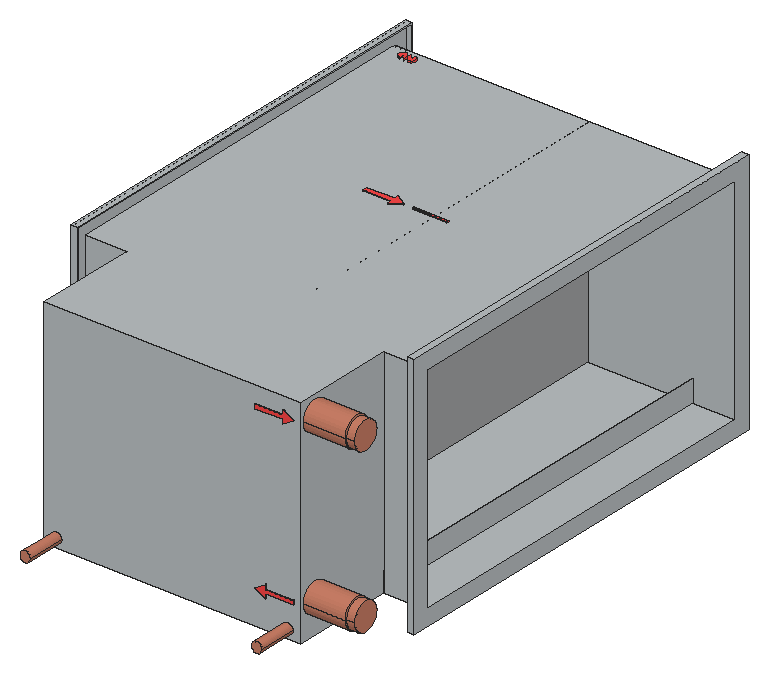
Revit family "NLRS_57_DUA_UN_rectangular-cooloer-acxkkx23-26_LT_sacs", category Duct Accessories, Revit 2023
Family settings
  Round Connector Dimension = Use Diameter
  Part Type = Breaks Into
  OmniClass Number = 23.75.10.24.21
  OmniClass Title = Cooling and Freeze Components
  Work Plane-Based = No
  Always vertical = Yes
  Cut with Voids When Loaded = No
  Shared = No
Parameters (values of type "ACxKKx23-26")
  Water connection Right [instance] = yes
  Type IFC Predefined Type = "Cooler"
  SACS_Y_Offset2 [instance] = if(Water connection Right, SACS_Duct_Width + SACS_Length_Y - 20 mm, 65 mm)  # 552 mm
  SACS_Y_Offset [instance] = if(Water connection Right, 0 mm, SACS_Length_Y + 45 mm)  # 0 mm
  SACS_Warning_Text_Size [instance] = if(SACS_Warning_Size, "Invalid duct size. Nearest larger size selected", " ")  # " "
  SACS_Warning_Text_Other [instance] = if(SACS_Warning_Other, "Selected configuration not allowed", if([Cooler circuits (1-26)] < 7, "Use family ACxKKx1-7", if([Cooler circuits (1-26)] < 15, "Use family ACxKKx8-14", if([Cooler circuits (1-26)] < 23, "Use family ACxKKx15-22", " "))))  # " "
  SACS_Warning_Size [instance] = or(not(NLRS_M_c01_breedte = SACS_Duct_Width), not(NLRS_M_c01_hoogte = SACS_Duct_Height))  # no
  SACS_Warning_Sign [instance] = and(not(SACS_Disable_Warning), or(SACS_Warning_Size, SACS_Warning_Other))  # no
  SACS_Warning_Other [instance] = or([Cooler rows (2-10)] < 2, [Cooler rows (2-10)] > 10, [Cooler circuits (1-26)] < 1, [Cooler circuits (1-26)] > 26)  # no
  SACS_Use_Manual_Airflow [instance] = no
  SACS_Right_Box [instance] = if(Water connection Right, SACS_Duct_Width + SACS_Length_Y, SACS_Y_Offset - 1 mm)  # 572 mm
  SACS_Plenum_L [instance] = if(SACS_Index1 < 7 mm, 400 mm, 500 mm)  # 400 mm
  SACS_Offset2 [instance] = if(Water connection Right, SACS_Right_Box + 45 mm, 45 mm)  # 617 mm
  SACS_Offset1 [instance] = if(Water connection Right, SACS_Right_Box, 0 mm)  # 572 mm
  SACS_Model [instance] = size_lookup(SACS_Data_Hidden, "Model", "NB", SACS_Duct_Width, SACS_Duct_Height, SACS_Index1, SACS_Index2, SACS_Index3)  # "AC2KKR-25-23 450x250"
  SACS_Manual_Airflow [instance] = 0.0 m³/h
  SACS_Left_Box [instance] = if(Water connection Right, SACS_Duct_Width + 1 mm, 45 mm)  # 451 mm
  SACS_Index3 [instance] = if(Water connection Right, 0 mm, 1 mm)  # 0 mm
  SACS_Index2 [instance] = if([Cooler circuits (1-26)] < 1, 1, if([Cooler circuits (1-26)] > 26, 26, [Cooler circuits (1-26)])) * 1 mm  # 23 mm
  SACS_Index1 [instance] = if([Cooler rows (2-10)] < 2, 2, if([Cooler rows (2-10)] > 10, 10, [Cooler rows (2-10)])) * 1 mm  # 2 mm
  SACS_Disable_Warning [instance] = no
  SACS_Data_Hidden [instance] = if(Water connection Right, "AC-KKR_23-26", "AC-KKL_23-26")  # "AC-KKR_23-26"
  SACS_Battery_Length [instance] = SACS_Index1 * 28  # 56 mm
  URL = "https://solid-air.nl/producten/solid-air-nakoeler-ac-k/"
  Type Comments = "Check flow directions, do not mirror!"  # constant formula
  SACS_Y_Offset3 [instance] = if(Water connection Right, -1 mm, SACS_Length_Y - 1 mm)  # -1 mm
  SACS_Type_Mark [instance] = ""
  SACS_Offset_RL [instance] = if(Water connection Right, 20 mm, SACS_Duct_Width + SACS_Length_Y - 19 mm)  # 20 mm
  SACS_Length_Y [instance] = 90 mm + NLRS_P_c01_diameter  # 122 mm
  SACS_Index_Side [instance] = if(Water connection Right, 0, 1)  # 0
  SACS_Flange_Height [instance] = if(or(SACS_Duct_Height > 650 mm, SACS_Duct_Width > 650 mm), 29 mm, 19 mm)  # 19 mm
  SACS_Duct_Width [instance] = if(roundup(NLRS_M_c01_breedte / 50 mm) * 50 < 200, 200 mm, if(roundup(NLRS_M_c01_breedte / 50 mm * 50) > 2000, 2000 mm, roundup(NLRS_M_c01_breedte / 50 mm) * 50 mm))  # 450 mm
  SACS_Duct_Height [instance] = if(roundup(NLRS_M_c01_hoogte / 50 mm) * 50 < 200, 200 mm, if(roundup(NLRS_M_c01_hoogte / 50 mm * 50) > 1600, 1600 mm, roundup(NLRS_M_c01_hoogte / 50 mm) * 50 mm))  # 250 mm
  SACS_Diameter2 [instance] = NLRS_P_c01_diameter + 2 mm  # 34 mm
  SACS_Air_Flow [instance] = 0.0 m³/h
  SA-Select [instance] = "https://saselect.solid-air.nl/"
  NLRS_P_c01_drukverlies_statisch [instance] = 0.0 Pa
  NLRS_P_c01_diameter [instance] = if([Cooler circuits (1-26)] < 8, 15 mm, if([Cooler circuits (1-26)] < 15, 20 mm, if([Cooler circuits (1-26)] < 23, 25 mm, 32 mm)))  # 32 mm
  NLRS_M_c01_hoogte [instance] = 250 mm
  NLRS_M_c01_drukverlies_statisch [instance] = 0.0 Pa
  NLRS_M_c01_breedte [instance] = 450 mm
  NLRS_C_model [instance] = SACS_Model  # "AC2KKR-25-23 450x250"
  NLRS_C_description = Description  # "Cooling battery AC_KK - Rectangular connector - Solid Air"
  NLRS_C_content_versie = "4.23.01"  # constant formula
  NLRS_C_content_provider = "Solid Air Climate Solutions"  # constant formula
  NLRS_C_content_datum_uitgifte = "01-04-2026"  # constant formula
  NLRS_C_content_creator = "J. Feeke"  # constant formula
  NLRS_C_artikel_code [instance] = size_lookup(SACS_Data_Hidden, "Artikelcode", "NB", SACS_Duct_Width, SACS_Duct_Height, SACS_Index1, SACS_Index2, SACS_Index3)  # "NB"
  Export Type to IFC As = "IfcHeatExchanger"
  Default Elevation = 0 mm
  NLRS_P_c01_volumestroom [instance] = 0.0 L/s
  NLRS_M_c01_debiet [instance] = abs(if(SACS_Use_Manual_Airflow, SACS_Manual_Airflow, SACS_Air_Flow))  # 0.0 m³/h
  Model = "AC_KK"  # constant formula
  Manufacturer = "Solid Air Climate Solutions"  # constant formula
  LoadBearing [instance] = 1 = 0  # no
  Keynote = ""
  IsExternal [instance] = 1 = 0  # no
  IfcExportType = "Cooler"  # constant formula
  IfcExportAs = "IfcHeatExchanger"  # constant formula
  IfcDescription = Description  # "Cooling battery AC_KK - Rectangular connector - Solid Air"
  Cooler rows (2-10) [instance] = 2
  FireRating [instance] = "00"  # constant formula
  Description = "Cooling battery AC_KK - Rectangular connector - Solid Air"  # constant formula
  Cost = 0
  Cooler circuits (1-26) [instance] = 23
  Assembly Code = "57.00"
Reference planes
  plane 1 "Center (Front/Back)": y = 0
  plane 2: z = 0
  plane 3 "Center (Left/Right)": x = 0
  plane 4 "top": z = 125
  plane 5 "bottom": z = -125
  plane 6 "left": x = -200
  plane 7 "right": x = 200
  plane 8 "back": y = 225
  plane 9 "Front": y = -225
  plane 10 "box": y = -347
  plane 11: y = -226
  plane 12: y = 225
Forms (mm)
  Sweep 1, solid, material "NLRS_57_sendzimir verzinkt_gen_sacs", detail levels medium+fine
    path in 3D
      loop
        line (0, -225, -125) -> (0, 225, -125) -> (0, 225, 125) -> (0, -225, 125) -> (0, -225, -125)
    profile "casing : casing" origin (0, -225, 0) x (0, 1, 0) y (1, 0, 0)
      loop
        line (0, -200) -> (0, 200) -> (-19, 200) -> (-19, 192.5) -> (-18, 192.5) -> (-18, 199) -> (-1, 199) -> (-1, -199) -> (-18, -199) -> (-18, -192.5) -> (-19, -192.5) -> (-19, -200) -> (0, -200)
  Extrusion 2, solid, material "NLRS_57_sendzimir verzinkt_gen_sacs", detail levels medium+fine
    sketch origin (0, 0, 0) x (1, 0, 0) y (0, 1, 0)
      loop
        line (-150, -226) -> (-150, -347) -> (150, -347) -> (150, -226) -> (-150, -226)
    from -126 to 126
  Extrusion 3, solid, material "Koper", detail levels medium+fine
    sketch origin (200, 0, 0) x (0, 1, 0) y (0, 0, 1)
      loop
        circle (-327, 105) r 17
      loop
        circle (-327, -85) r 17
    from -50 to 0
  Extrusion 4, solid, material "Koper", detail levels medium+fine
    sketch origin (200, 0, 0) x (0, 1, 0) y (0, 0, 1)
      loop
        circle (-327, 105) r 16
      loop
        circle (-327, -85) r 16
    from 0 to 10
  Extrusion 5, solid, material "NLRS_57_anodised aluminium_gen_sacs", detail levels medium+fine
    sketch origin (0, 0, 0) x (1, 0, 0) y (0, 1, 0)
      loop
        line (-28, 225) -> (-28, -225) -> (28, -225) -> (28, 225) -> (-28, 225)
    from -125 to 125
  Extrusion 6, solid, material "SACS_Label", detail levels medium+fine
    sketch origin (0, 0, 125) x (-1, 0, 0) y (0, -1, 0)
      loop
        line (-4.439, -1) -> (-4.439, 1) -> (-44.439, 1) -> (-44.439, -1) -> (-4.439, -1)
    from 1 to 2
  Extrusion 7, solid, material "Koper", detail levels medium+fine
    sketch origin (0, 0, 0) x (1, 0, 0) y (0, 0, 1)
      loop
        circle (-135, -115) r 6
      loop
        circle (135, -115) r 6
    from 347 to 392
  Extrusion 8, solid, material "NLRS_57_sendzimir verzinkt_gen_sacs", detail levels medium+fine
    sketch origin (0, 0, 0) x (1, 0, 0) y (0, 0, 1)
      loop
        line (149, -100) -> (149, -125) -> (150, -125) -> (150, -100) -> (149, -100)
      loop
        line (-150, -100) -> (-150, -125) -> (-149, -125) -> (-149, -100) -> (-150, -100)
    from -225 to 225
Cuts and joins
  joined: Sweep 1, Extrusion 2
Lines and regions (mm)
  model lines, not visible
    curve 1: line (0, 225, 125) -> (0, -225, 125)
    curve 2: line (0, 225, -125) -> (0, 225, 125)
    curve 3: line (0, -225, -125) -> (0, 225, -125)
    curve 4: line (0, -225, 125) -> (0, -225, -125)
  sketch lines
    curve 5: line (0, -225, 125) -> (0, -225, -125)
    curve 6: line (0, 225, 125) -> (0, -225, 125)
    curve 7: line (0, 225, -125) -> (0, 225, 125)
    curve 8: line (0, -225, -125) -> (0, 225, -125)
Dimensions and locks
  equal spacing: plane 4 "top", level, plane 5 "bottom"
  "SACS_Duct_Height": plane 4 "top" to plane 5 "bottom"
  equal spacing: plane 6 "left", plane 3 "Center (Left/Right)", plane 7 "right"
  equal spacing: plane 8 "back", plane 1 "Center (Front/Back)", plane 9 "Front"
  "SACS_Duct_Width": plane 8 "back" to plane 9 "Front"
  "SACS_Plenum_L": plane 6 "left" to plane 7 "right"
  "SACS_Y_Offset": plane 12 to plane 8 "back"
  "SACS_Left_Box": plane 12 to plane 11
  "SACS_Right_Box": plane 12 to plane 10 "box"
  locked: Extrusion 2 sketch curve to plane 7 "right" at 50
  locked: plane 6 "left" to Extrusion 2 sketch curve at 50
  locked: Extrusion 2 to plane 4 "top" at 1
  locked: plane 5 "bottom" to Extrusion 2 at 1
  "SACS_Y_Offset2": Extrusion 3 sketch curve to plane 12
  locked: plane 4 "top" to Extrusion 3 sketch curve at 20
  locked: Extrusion 3 sketch curve to plane 5 "bottom" at 40
  "SACS_Y_Offset2": plane 12 to Extrusion 3 sketch curve
  locked: Extrusion 3 to plane 7 "right" at 50
  locked: Extrusion 4 sketch curve to plane 5 "bottom" at 40
  locked: plane 4 "top" to Extrusion 4 sketch curve at 20
  "SACS_Y_Offset2": plane 12 to Extrusion 4 sketch curve  (x2)
  locked: plane 7 "right" to Extrusion 4 at 10
  equal spacing: Extrusion 5 sketch curve, plane 3 "Center (Left/Right)", Extrusion 5 sketch curve
  "SACS_Battery_Length": Extrusion 5 sketch curve to Extrusion 5 sketch curve
  locked: plane 7 "right" to nested 1 at 80
  locked: plane 7 "right" to nested 2 at 80
  locked: nested 3 to plane 3 "Center (Left/Right)" at 30
  Extrusion 6 sketch curve to plane 1 "Center (Front/Back)" to Extrusion 6 sketch curve = 1 mm locked, 1 mm locked
  locked: plane 6 "left" to nested 4 at 25
  locked: plane 8 "back" to nested 4 at 10
  "SACS_Offset1": plane 12 to Extrusion 7
  "SACS_Offset2": plane 12 to Extrusion 7
  locked: Extrusion 7 sketch curve to plane 5 "bottom" at 10  (x2)
  locked: Extrusion 7 sketch curve to plane 6 "left" at 65
  locked: plane 7 "right" to Extrusion 7 sketch curve at 65
  locked: plane 7 "right" to Extrusion 8 sketch curve at 51
  locked: plane 7 "right" to Extrusion 8 sketch curve at 50
  locked: Extrusion 8 sketch curve to plane 5 "bottom" at 25  (x2)
  locked: Extrusion 8 sketch curve to plane 6 "left" at 50
  locked: Extrusion 8 sketch curve to plane 6 "left" at 51
  locked: nested 1 to plane 5 "bottom" at 40
  locked: plane 4 "top" to nested 2 at 20
  "SACS_Diameter2": diameter of Extrusion 3 sketch curve  (x2)
  "NLRS_P_c01_diameter": diameter of Extrusion 4 sketch curve  (x2)
  aligned and locked: level to plane 2
  aligned and locked: curve 1 to plane 4 "top"
  aligned and locked: plane 9 "Front" to curve 4
  aligned and locked: plane 5 "bottom" to curve 3
  aligned and locked: curve 2 to plane 8 "back"
  aligned and locked: Extrusion 2 sketch curve to plane 11
  aligned and locked: plane 10 "box" to Extrusion 2 sketch curve
  aligned and locked: Extrusion 3 to plane 7 "right"
  aligned and locked: plane 8 "back" to Extrusion 5
  aligned and locked: Extrusion 5 to plane 9 "Front"
  aligned and locked: Extrusion 5 to plane 5 "bottom"
  aligned and locked: plane 4 "top" to Extrusion 5
  aligned and locked: plane 1 "Center (Front/Back)" to nested 3
  aligned and locked: plane 3 "Center (Left/Right)" to nested 5
  aligned and locked: plane 5 "bottom" to Extrusion 8 sketch curve
  aligned and locked: Extrusion 8 to plane 9 "Front"
  aligned and locked: plane 8 "back" to Extrusion 8
Automatic sketch dimensions
  plane 3 "Center (Left/Right)" to Extrusion 6 sketch curve = 44.439 mm
  plane 3 "Center (Left/Right)" to Extrusion 6 sketch curve = 4.439 mm
  Extrusion 8 sketch curve to plane 5 "bottom" = 0 mm
  Extrusion 5 sketch curve to plane 9 "Front" = 0 mm
  Extrusion 5 sketch curve to plane 8 "back" = 0 mm
  radius of Extrusion 7 sketch curve = 6 mm  (x2)
Nested families
  nested 1: "arrow" at (120, -348, -85) x (-1, 0, 0) z (0, 1, 0), built-in parameter 1001364 <- "SACS_Y_Offset3", type "arrow", detail levels medium+fine
  nested 2: "arrow" at (120, -348, 105) x (1, 0, 0) z (0, 1, 0), built-in parameter 1001364 <- "SACS_Y_Offset3", type "arrow", detail levels medium+fine
  nested 3: "arrow" at (-30, 0, 126), type "arrow", detail levels medium+fine
  nested 4: "logo_single" at (-175, 215, 125), type "logo_single", detail levels medium+fine
  nested 5: "NK-Symbol" at (0, 0, 125), type "NK-Top", detail levels coarse
  nested 6: "Warning" at (0, 0, 125), visible <- "SACS_Warning_Size", type "Warning", detail levels medium+fine
  nested 7: "NK-Symbol" at (0, 0, 0) x (1, 0, 0) z (0, -1, 0), type "NK-Side"
Connectors
  hvac at (-200, 0, 0), driven by "NLRS_M_c01_hoogte", driven by "NLRS_M_c01_breedte", driven by "NLRS_M_c01_debiet", driven by "NLRS_M_c01_drukverlies_statisch"
    settings: on cut or joined group of Sweep 1, Extrusion 2, index 1, duct flow 0.0 m³/h, flow factor 0, pres drop 0.0 Pa, loss coef 0, conn angle 0.00°, conn width 450 mm, conn height 250 mm, conn diameter 609.6 mm, duct sys type 29, conn prof type 1, flow config 1, flow direction 1, loss method 4, conn ref index -1, conn util no, is conn primary yes, conn desc ""
  hvac at (200, 0, 0), driven by "NLRS_M_c01_hoogte", driven by "NLRS_M_c01_breedte", driven by "SACS_Air_Flow"
    settings: on cut or joined group of Sweep 1, Extrusion 2, index 2, duct flow 0.0 m³/h, flow factor 0, pres drop 0.0 Pa, loss coef 0, conn angle 0.00°, conn width 450 mm, conn height 250 mm, conn diameter 609.6 mm, duct sys type 29, conn prof type 1, flow config 0, flow direction 2, loss method 0, conn ref index -1, conn util no, is conn primary no, conn desc ""
  piping at (200, -327, -85), diameter 32, driven by "NLRS_P_c01_diameter", driven by "NLRS_P_c01_volumestroom", driven by "NLRS_P_c01_drukverlies_statisch"
    settings: on Extrusion 4, index 3, connector inside diameter 24", connector length 0 mm, flow factor 0, pipe flow 0.0 L/s, pressure drop 0.0 Pa, fitting loss kfactor 0, connector angle 0.00°, fixture units 0, engagement length 0 mm, angle of deflection 0.00°, flow configuration 1, flow direction 1, fitting loss method 4, system type 7, joint type 0, gender type 0, connector reference index -1, connector utility 0, adjustable connector no, is connector primary yes, connector description ""
  piping at (200, -327, 105), diameter 32, driven by "NLRS_P_c01_diameter", driven by "NLRS_P_c01_volumestroom", driven by "NLRS_P_c01_drukverlies_statisch"
    settings: on Extrusion 4, index 4, connector inside diameter 24", connector length 0 mm, flow factor 0, pipe flow 0.0 L/s, pressure drop 0.0 Pa, fitting loss kfactor 0, connector angle 0.00°, fixture units 0, engagement length 0 mm, angle of deflection 0.00°, flow configuration 1, flow direction 2, fitting loss method 4, system type 8, joint type 0, gender type 0, connector reference index -1, connector utility 0, adjustable connector no, is connector primary no, connector description ""
Definition of nested family "arrow"
  Parameters (values of type "arrow")
    Default Elevation = 1219.2 mm
  Reference planes
    plane 1 "Center (Front/Back)": y = 0
    plane 2: z = 0
    plane 3 "Center (Left/Right)": x = 0
  Forms (mm)
    Extrusion 1, solid
      sketch origin (0, 48.354, 0) x (-1, 0, 0) y (0, -1, 0)
        loop
          line (22.513, 50.854) -> (-10.002, 50.854) -> (-10.002, 55.854) -> (-22.513, 48.354) -> (-10.002, 40.854) -> (-10.002, 45.854) -> (22.513, 45.854) -> (22.513, 50.854)
      from 0 to 1
  Dimensions and locks
    aligned and locked: level to plane 2
Definition of nested family "logo_single"
  Parameters (values of type "logo_single")
    t = 5 mm
    Model = "LOD 400"
    Description = "Model type"
    Default Elevation = 1219.2 mm
  Reference planes
    plane 1 "Center (Front/Back)": y = 0
    plane 2: z = 0
    plane 3 "Center (Left/Right)": x = 0
    plane 4: z = 2
    plane 5: x = -10
    plane 6: y = -5
    plane 7: y = 5
    plane 8: x = -5
    plane 9: x = 5
    plane 10: x = 10
  Forms (mm)
    Extrusion 1, solid
      sketch origin (-547.644, -297.937, 0) x (1, 0, 0) y (0, 1, 0)
        loop
          arc (542.644, 302.937) -> (537.644, 297.937) -> (542.644, 292.937) r 5
          line (542.644, 292.937) -> (542.644, 297.937) -> (547.644, 292.937) -> (547.644, 297.937) -> (542.644, 302.937)
      from 0 to 2
    Extrusion 2, solid
      sketch origin (0, 0, 0) x (1, 0, 0) y (0, 1, 0)
        loop
          arc (5, -5) -> (10, 0) -> (5, 5) r 5
          line (5, 5) -> (5, 0) -> (0, 5) -> (0, 0) -> (5, -5)
      from 0 to 2
  Dimensions and locks
    "t": plane 7 to plane 1 "Center (Front/Back)"
    "t": plane 6 to plane 1 "Center (Front/Back)"
    "t": plane 5 to plane 8
    "t": plane 8 to plane 3 "Center (Left/Right)"
    "t": plane 3 "Center (Left/Right)" to plane 9
    "t": plane 9 to plane 10
    aligned and locked: level to plane 2
    aligned and locked: plane 4 to Extrusion 1
  Automatic sketch dimensions
    plane 1 "Center (Front/Back)" to Extrusion 1 sketch curve = 0 mm  (x3)
    Extrusion 1 sketch curve to plane 8 = 0 mm
    Extrusion 1 sketch curve to plane 7 = 0 mm
    Extrusion 1 sketch curve to plane 3 "Center (Left/Right)" = 0 mm
    Extrusion 1 sketch curve to plane 6 = 0 mm
    Extrusion 2 sketch curve to plane 3 "Center (Left/Right)" = 0 mm
    plane 1 "Center (Front/Back)" to Extrusion 2 sketch curve = 0 mm  (x3)
    Extrusion 2 sketch curve to plane 6 = 0 mm
    Extrusion 2 sketch curve to plane 9 = 0 mm
    Extrusion 2 sketch curve to plane 7 = 0 mm
Definition of nested family "NK-Symbol"
  Parameters (values of type "NK-Symbol")
    Width = 450 mm
    Length = 400 mm
    Half_Width = Width / 2  # 225 mm
  Reference planes
    plane 1 "Center (Front/Back)": y = 0
    plane 2: z = 0
    plane 3 "Center (Left/Right)": x = 0
    plane 4: x = -200
    plane 5: x = 200
    plane 6: y = -225
    plane 7: y = 225
    plane 8: x = 150
    plane 9: x = -175
    plane 10: y = 200
    plane 11: x = -417.698
    plane 12: y = 67.059
  Lines and regions (mm)
    detail lines, in view "Ref. Level"
      curve 1: line (-200, 225, 0) -> (200, 225, 0)
      curve 2: line (-200, -225, 0) -> (-200, 225, 0)
      curve 3: line (200, -225, 0) -> (-200, -225, 0)
      curve 4: line (200, 225, 0) -> (200, -225, 0)
      curve 5: line (-200, -225, 0) -> (200, 225, 0)
      curve 6: line (125, 0, 0) -> (175, 0, 0)
      curve 7: line (-191.355, 212.5, 0) -> (-191.355, 187.5, 0)
      curve 8: line (-191.355, 200, 0) -> (-178.855, 212.5, 0)
      curve 9: line (-178.855, 187.5, 0) -> (-191.355, 200, 0)
      curve 13: spline (-163.429, 187.5, 0) -> (-165.461, 187.926, 0) -> (-167.355, 189.175, 0) -> (-168.98, 191.161, 0) -> (-170.228, 193.75, 0) -> (-171.012, 196.765, 0) -> (-171.28, 200, 0) -> (-171.012, 203.235, 0) -> (-170.228, 206.25, 0) -> (-168.98, 208.839, 0) -> (-167.355, 210.825, 0) -> (-165.461, 212.074, 0) -> (-163.429, 212.5, 0) -> (-161.397, 212.074, 0) -> (-159.504, 210.825, 0) -> (-157.878, 208.839, 0) -> (-156.631, 206.25, 0) -> (-155.846, 203.235, 0) -> (-155.579, 200, 0) -> (-155.846, 196.765, 0) -> (-156.631, 193.75, 0) -> (-157.878, 191.161, 0) -> (-159.504, 189.175, 0) -> (-161.397, 187.926, 0) -> (-163.429, 187.5, 0)
    detail lines, in view "Ref. Level", not visible
      curve 10: line (-434.053, 79.559, 0) -> (-434.053, 54.559, 0)
      curve 11: line (-434.053, 67.059, 0) -> (-421.553, 79.559, 0)
      curve 12: line (-421.553, 54.559, 0) -> (-434.053, 67.059, 0)
      curve 14: spline (-406.128, 54.559, 0) -> (-408.16, 54.985, 0) -> (-410.053, 56.234, 0) -> (-411.679, 58.22, 0) -> (-412.926, 60.809, 0) -> (-413.711, 63.824, 0) -> (-413.978, 67.059, 0) -> (-413.711, 70.294, 0) -> (-412.926, 73.309, 0) -> (-411.679, 75.898, 0) -> (-410.053, 77.884, 0) -> (-408.16, 79.133, 0) -> (-406.128, 79.559, 0) -> (-404.096, 79.133, 0) -> (-402.202, 77.884, 0) -> (-400.577, 75.898, 0) -> (-399.329, 73.309, 0) -> (-398.545, 70.294, 0) -> (-398.277, 67.059, 0) -> (-398.545, 63.824, 0) -> (-399.329, 60.809, 0) -> (-400.577, 58.22, 0) -> (-402.202, 56.234, 0) -> (-404.096, 54.985, 0) -> (-406.128, 54.559, 0)
  Dimensions and locks
    "Half_Width": plane 1 "Center (Front/Back)" to plane 6
    "Half_Width": plane 7 to plane 1 "Center (Front/Back)"
    "Length": plane 4 to plane 5
    equal spacing: plane 4, plane 3 "Center (Left/Right)", plane 5
    locked: curve 6 to plane 8 at 25
    locked: plane 8 to curve 6 at 25
    locked: plane 4 to plane 9 at 25
    locked: plane 7 to plane 10 at 25
    locked: plane 8 to plane 5 at 50
    aligned and locked: plane 4 to curve 2
    aligned and locked: curve 1 to plane 7
    aligned and locked: curve 4 to plane 5
    aligned and locked: plane 6 to curve 3
    aligned and locked: plane 1 "Center (Front/Back)" to curve 6
  Automatic sketch dimensions
    curve 5 to plane 4 = 0 mm
    curve 7 to curve 9 = 12.5 mm
    curve 7 to curve 8 = 12.5 mm  (x2)
    curve 7 to curve 9 = 0 mm
    curve 13 to curve 13 = 12.5 mm
    curve 8 to curve 7 = 12.5 mm
    curve 9 to curve 13 = 15.425 mm
    curve 9 to curve 13 = 12.5 mm
    curve 10 to curve 12 = 12.5 mm
    curve 10 to curve 11 = 12.5 mm  (x2)
    curve 10 to curve 12 = 0 mm
    curve 14 to curve 14 = 12.5 mm
    curve 11 to curve 10 = 12.5 mm
    curve 12 to curve 14 = 15.425 mm
    curve 12 to curve 14 = 12.5 mm
Definition of nested family "Warning"
  Parameters (values of type "Warning")
    straal = 1000 mm
  Reference planes
    plane 1 "Center (Front/Back)": y = 0
    plane 2: z = 0
    plane 3 "Center (Left/Right)": x = 0
  Lines and regions (mm)
    Filled region 1, type "Solid Fill - Black", in view "Ref. Level"
      outline origin (0, 0, 0) x (1, 0, 0) y (0, 1, 0)
        loop
          line (-25.8, 75) -> (-20, -12.003) -> (20, -12.003) -> (25.8, 75) -> (-25.8, 75)
        loop
          circle (0, -50) r 25
